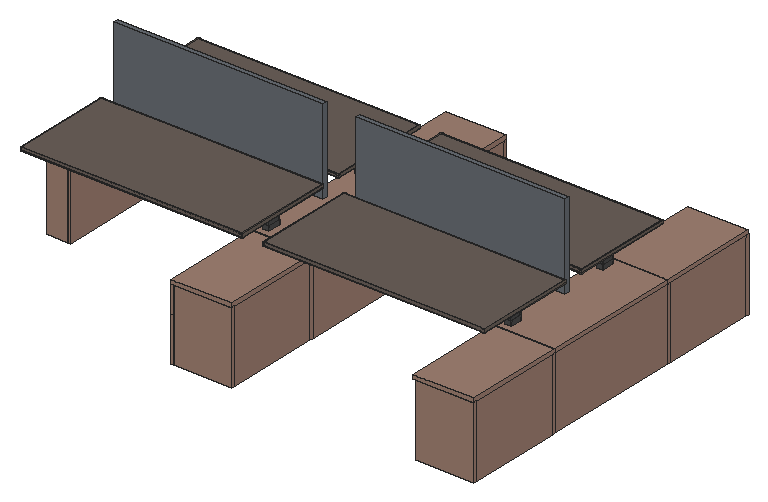
Revit family "T200219", category Furniture, Revit 2015
Parameters (values of type "T200219")
  URL = "https://ofs.com/"
  Staks Wire Manager = OFS STAKS PET Wire Manager Material
  Staks Height Worksurface Edge = OFS STAKS Edge Material
  Staks Height  Worksurface Venner = OFS STAKS Surface Material
  Staks Height  Worksurface 3d Laminate = OFS STAKS Laminate Material
  Staks Fabric Privacy Panel = OFS STAKS Tackable Fabric
  Staks Cross Surface = OFS STAKS Wood Grain Laminate Material
  Staks Cross Power Block Casing = OFS STAKS Power Block Casing Material
  Staks Cross Power Block = OFS STAKS Power Block Material
  Staks Cross Metal Conduit = OFS STAKS Power Jumper Conduit Material
  Staks Cross Duplex Receptacle = OFS STAKS Power Jumper Connector Material
  Staks Cross Bracket = OFS STAKS Power Jumper Connector Material
  Staks Box File top Material = OFS STAKS Board Material
  Staks Box File Leg Caps = OFS STAKS Leg Caps Material
  Staks Box File Drawer Handle = OFS STAKS Drawer Handle Metal
  Staks Box File Column = OFS STAKS Column Material
  Staks Box File Board = OFS STAKS Board Material
  Model = "T200219"
  Manufacturer = "OFS"
  Description = "OFS TYPICAL T200219"
  Copyright © = "©OFS 2020"
  Catalog = "https://ofs.com/2020-experience"
  Authoring Version = "Autodesk Revit Architecture 2015"
  Assembly Code = " E2020400"
Reference planes (in)
  plane 1 "Center Front/Back": y = 0
  plane 2: z = 0
  plane 3 "Center Left/Right": x = 0
Dimensions and locks (in)
  aligned and locked: level to plane 2
Nested families (in)
  nested 1: "STAKS BOX-FILE-OPEN SHELVES FLOOR STORAGE Left 30-36" at (81.63633, 27.22693, 0) x (0, -1, 0) z (0, 0, 1), type "STAKS BOX-FILE-OPEN SHELVES FLOOR STORAGE Left, 30in"
    with Table Height 2' - 3 3/4"
  nested 2: "STAKS BOX-FILE-OPEN SHELVES FLOOR STORAGE Left 30-36" at (9.63633, 27.22694, 0) x (0, -1, 0) z (0, 0, 1), type "STAKS BOX-FILE-OPEN SHELVES FLOOR STORAGE Left, 30in"
    with Table Height 2' - 3 3/4"
  nested 3: "STAKS BOX-FILE-OPEN SHELVES FLOOR STORAGE Right 30-36" at (9.63633, -44.77307, 0) x (0, -1, 0) z (0, 0, 1), type "STAKS BOX-FILE-OPEN SHELVES FLOOR STORAGE Right, 30in"
    with Table Height 2' - 3 3/4"
  nested 4: "STAKS BOX-FILE-OPEN SHELVES FLOOR STORAGE Left 30-36" at (81.63633, -44.77307, 0) x (0, -1, 0) z (0, 0, 1), type "STAKS BOX-FILE-OPEN SHELVES FLOOR STORAGE Left, 30in"
  nested 5: "STAKS HEIGHT ADJUSTABLE WORK GROUP PANEL BASE Dual User" at (-69.31764, -4.49055, 0) x (0, 1, 0) z (0, 0, 1), type "STAKS HEIGHT ADJUSTABLE WORK GROUP PANEL BASE Dual User"
    with Table Height 2' - 3 3/4"
  nested 6: "STAKS HEIGHT ADJUSTABLE WORK GROUP CABINET Dual User" at (81.63633, -4.52307, 0) x (0, -1, 0) z (0, 0, 1), type "STAKS HEIGHT ADJUSTABLE WORK GROUP CABINET Dual User"
    with Table Height 2' - 3 3/4"
  nested 7: "STAKS HEIGHT ADJUSTABLE WORK GROUP CABINET Double Sided Dual User" at (-8.36367, -4.52307, 0) x (0, 1, 0) z (0, 0, 1), type "STAKS HEIGHT ADJUSTABLE WORK GROUP CABINET Double Sided Dual User"
    with Table Height 2' - 3 3/4"
  nested 8: "STAKS FABRIC PRIVACY PANEL Tackable" at (-35.36367, -3.49388, 0.61875) x (1, 0, 0) z (0, 0, 1), type "STAKS FABRIC PRIVACY PANEL Tackable for 66in Worksurfaces."
    with Width 5' - 2"
  nested 9: "STAKS FABRIC PRIVACY PANEL Tackable" at (36.63633, -3.49388, 0.61875) x (-1, 0, 0) z (0, 0, 1), type "STAKS FABRIC PRIVACY PANEL Tackable for 66in Worksurfaces."
    with Width 5' - 2"
  nested 10: "STAKS HEIGHT ADJUSTABLE WORKSURFACE" at (-35.362, -21.52135, 8), type "STAKS HEIGHT ADJUSTABLE WORKSURFACE 66x30"
    with PVC Edge yes, Height 1' - 9", 3D Laminate no
  nested 11: "STAKS HEIGHT ADJUSTABLE WORKSURFACE" at (36.78082, -21.52135, 8) x (-1, 0, 0) z (0, 0, 1), type "STAKS HEIGHT ADJUSTABLE WORKSURFACE 66x30"
    with PVC Edge yes, Height 1' - 9", 3D Laminate no
  nested 12: "STAKS HEIGHT ADJUSTABLE WORKSURFACE" at (-35.362, 14.47487, 8), type "STAKS HEIGHT ADJUSTABLE WORKSURFACE 66x30"
    with PVC Edge yes, Height 1' - 9", 3D Laminate no
  nested 13: "STAKS HEIGHT ADJUSTABLE WORKSURFACE" at (36.78082, 14.47487, 8) x (-1, 0, 0) z (0, 0, 1), type "STAKS HEIGHT ADJUSTABLE WORKSURFACE 66x30"
    with PVC Edge yes, Height 1' - 9", 3D Laminate no
  nested 14: "STAKS CROSS RAIL Single or Double Sided" at (-35.36367, -4.02513, 1), type "STAKS CROSS RAIL Single or Double Sided 66in"
  nested 15: "STAKS CROSS RAIL Single or Double Sided" at (36.78248, -4.02513, 1) x (-1, 0, 0) z (0, 0, 1), type "STAKS CROSS RAIL Single or Double Sided 66in"
  nested 16: "STAKS PET WIRE MANAGER to Underside of Cross Rail" at (-35.36367, -4.02324, 1.04402), type "STAKS PET WIRE MANAGER to Underside of Cross Rail 44in"
    with Height Above Floor 1' - 8"
  nested 17: "STAKS PET WIRE MANAGER to Underside of Cross Rail" at (36.78248, -4.02324, 1.04402) x (-1, 0, 0) z (0, 0, 1), type "STAKS PET WIRE MANAGER to Underside of Cross Rail 44in"
    with Height Above Floor 1' - 8"
Definition of nested family "STAKS BOX-FILE-OPEN SHELVES FLOOR STORAGE Left 30-36"
  Parameters (values of type "STAKS BOX-FILE-OPEN SHELVES FLOOR STORAGE Left, 30in")
    Width = 2' - 6"
    URL = "http://ofs.com"
    Top Material = none
    Top Board Back Offset = 0' - 0"
    Table Height [instance] = 2' - 3 3/4"
    Shelf Height = 1' - 1.86625"
    Drawers Width = 1' - 2"
    Drawer Handle Material = none
    Drawer Gap = 0' - 0 1/16"
    Depth = 1' - 6"
    Column Plate Thickness = 0' - 2"
    Column Material = none
    Box Width = 0' - 7"
    Board Thick Top = 0' - 1 1/8"
    Board Thick Door = 0' - 0 3/4"
    Board Material = none
    Model = "6-3018FSL1"
    Manufacturer = "OFS"
    Leg Caps Material = none
    Leg Offset = 0' - 2"
    Board Thick Internal = 0' - 0 3/4"
    Height = 1' - 11"
    Description = "OFS STAKS BOX-FILE-OPEN SHELVES FLOOR STORAGE Left, 30\" Width, One Box Drawer, One File Drawer, One Adjustable Shelf"
    Copyright © = "© OFS 2018"
    Catalog = "https://ofs.com/products/open-plan/benching/staks"
    Bottom Board Offset = 0' - 0 1/2"
    Board Thick Bot = 0' - 1"
    Board Thick Sides = 0' - 0 3/4"
    Board Thick Front = 0' - 0 3/4"
    Board Thick Back = 0' - 0 3/4"
    Authoring Version = "Autodesk Revit Architecture 2013"
    Assembly Code = "E2020200"
  Types (2): name | Width | Model | Description
    STAKS BOX-FILE-OPEN SHELVES FLOOR STORAGE Left, 30in | 2' - 6" | "6-3018FSL1" | "OFS STAKS BOX-FILE-OPEN SHELVES FLOOR STORAGE Left, 30\" Width, One Box Drawer, One File Drawer, One Adjustable Shelf"
    STAKS BOX-FILE-OPEN SHELVES FLOOR STORAGE Left, 36in | 3' - 0" | "6-3618FSL1" | "OFS STAKS BOX-FILE-OPEN SHELVES FLOOR STORAGE Left, 36\" Width, One Box Drawer, One File Drawer, One Adjustable Shelf"
  Reference planes (in)
    plane 1 "Center Front/Back": y = 0
    plane 2: z = 0
    plane 3 "Front End": y = -17.25
    plane 4 "Right End": x = 10.75
    plane 5 "Back End": y = 0
    plane 6 "Height Top": z = 23
    plane 7: x = 10
    plane 8: z = 21.875
    plane 9: z = 0.5
    plane 10: z = 1.5
    plane 11: y = -16.5
    plane 12: x = 8.75
    plane 13: y = -18
    plane 14: y = -0.75
    plane 15: y = 0
    plane 16: z = 13.86625
    plane 17: z = 13.11625
    plane 18: z = 13.92875
    plane 19 "Center Left Right": x = -4.25
    plane 20: x = -18.5
    plane 21: x = -3.75
    plane 22: x = -4.5
    plane 23: x = -19.25
    plane 24: x = -17.25
    plane 25: x = -14.5
    plane 26: x = -8.5
    plane 27: x = -8.875
    plane 28: x = -14.125
  Forms (in)
    Extrusion 1, solid, material <- "Board Material"
      sketch origin (0, 0, 0) x (-1, 0, 0) y (0, -1, 0)
        loop
          line (-10.75, 0) -> (-10, 0) -> (-10, 17.25) -> (-10.75, 17.25) -> (-10.75, 0)
      from 0.5 to 21.875
    Extrusion 2, solid, material <- "Board Material"
      sketch origin (0, 0, 0) x (1, 0, 0) y (0, 1, 0)
        loop
          line (-18.5, -0.75) -> (-18.5, -17.25) -> (10, -17.25) -> (10, -0.75) -> (-18.5, -0.75)
      from 0.5 to 1.5
    Extrusion 3, solid, material <- "Top Material"
      sketch origin (0, 0, 0) x (1, 0, 0) y (0, 1, 0)
        loop
          line (-19.25, 0) -> (-19.25, -18) -> (10.75, -18) -> (10.75, 0) -> (-19.25, 0)
      from 21.875 to 23
    Extrusion 4, solid, material <- "Board Material"
      sketch origin (0, 27.875, 0) x (1, 0, 0) y (0, 1, 0)
        loop
          line (-18.5, -27.875) -> (-18.5, -28.625) -> (10, -28.625) -> (10, -27.875) -> (-18.5, -27.875)
      from 0.5 to 21.875
    Revolve 5, solid, material <- "Leg Caps Material"
      sketch origin (-17.27629, -3.5, 0) x (-1, 0, 0) y (0, 0, -1)
        loop
          line (-26.02629, -0.5) -> (-25.83829, -0.5) -> (-25.83829, 0) -> (-26.21329, 0) -> (-26.21329, -0.12502)
          arc (-26.21329, -0.12502) -> (-26.17668, -0.2134) -> (-26.08831, -0.25) r 0.12498
          line (-26.08831, -0.25) -> (-26.02629, -0.25) -> (-26.02629, -0.5)
        axis (-25.83829, 0) -> (-25.83829, -0.5)
      angle from 0 to 360
    Revolve 6, solid, material <- "Leg Caps Material"
      sketch origin (-7.02629, -14.5, 0) x (-1, 0, 0) y (0, 0, 1)
        loop
          line (-15.77629, 0.5) -> (-15.77629, 0.25) -> (-15.83831, 0.25)
          arc (-15.83831, 0.25) -> (-15.92668, 0.2134) -> (-15.96329, 0.12502) r 0.12498
          line (-15.96329, 0.12502) -> (-15.96329, 0) -> (-15.58829, 0) -> (-15.58829, 0.5) -> (-15.77629, 0.5)
        axis (-15.58829, 0) -> (-15.58829, 0.5)
      angle from 0 to 360
    Extrusion 7, solid, material <- "Board Material"
      sketch origin (-29.25, 0, 0) x (-1, 0, 0) y (0, -1, 0)
        loop
          line (-10.75, 0) -> (-10, 0) -> (-10, 17.25) -> (-10.75, 17.25) -> (-10.75, 0)
      from 0.5 to 21.875
    Extrusion 8, solid, material <- "Board Material"
      sketch origin (-14.875, 0, 0) x (-1, 0, 0) y (0, -1, 0)
        loop
          line (-11.125, 0.75) -> (-10.375, 0.75) -> (-10.375, 17.25) -> (-11.125, 17.25) -> (-11.125, 0.75)
      from 1.5 to 21.875
    Revolve 9, solid, material <- "Leg Caps Material"
      sketch origin (2.40129, -3.5, 0) x (1, 0, 0) y (0, 0, 1)
        loop
          line (-19.65129, 0.5) -> (-19.65129, 0.25) -> (-19.71331, 0.25)
          arc (-19.71331, 0.25) -> (-19.80168, 0.2134) -> (-19.83829, 0.12502) r 0.12498
          line (-19.83829, 0.12502) -> (-19.83829, 0) -> (-19.46329, 0) -> (-19.46329, 0.5) -> (-19.65129, 0.5)
        axis (-19.46329, 0) -> (-19.46329, 0.5)
      angle from 0 to 360
    Revolve 10, solid, material <- "Leg Caps Material"
      sketch origin (-2.22371, -14.5, 0) x (1, 0, 0) y (0, 0, -1)
        loop
          line (-15.02629, -0.5) -> (-14.83829, -0.5) -> (-14.83829, 0) -> (-15.21329, 0) -> (-15.21329, -0.12502)
          arc (-15.21329, -0.12502) -> (-15.17668, -0.2134) -> (-15.08831, -0.25) r 0.12498
          line (-15.08831, -0.25) -> (-15.02629, -0.25) -> (-15.02629, -0.5)
        axis (-14.83829, 0) -> (-14.83829, -0.5)
      angle from 0 to 360
    Revolve 11, solid, material <- "Leg Caps Material"
      sketch origin (21.08829, -3.5, 0) x (1, 0, 0) y (0, 0, 1)
        loop
          line (-25.40129, 0.5) -> (-25.40129, 0.25) -> (-25.46331, 0.25)
          arc (-25.46331, 0.25) -> (-25.55168, 0.2134) -> (-25.58829, 0.12502) r 0.12498
          line (-25.58829, 0.12502) -> (-25.58829, 0) -> (-25.21329, 0) -> (-25.21329, 0.5) -> (-25.40129, 0.5)
        axis (-25.21329, 0) -> (-25.21329, 0.5)
      angle from 0 to 360
    Revolve 12, solid, material <- "Leg Caps Material"
      sketch origin (16.46329, -14.5, 0) x (1, 0, 0) y (0, 0, -1)
        loop
          line (-20.77629, -0.5) -> (-20.58829, -0.5) -> (-20.58829, 0) -> (-20.96329, 0) -> (-20.96329, -0.12502)
          arc (-20.96329, -0.12502) -> (-20.92668, -0.2134) -> (-20.83831, -0.25) r 0.12498
          line (-20.83831, -0.25) -> (-20.77629, -0.25) -> (-20.77629, -0.5)
        axis (-20.58829, 0) -> (-20.58829, -0.5)
      angle from 0 to 360
    Extrusion 13, solid, material <- "Board Material"
      sketch origin (-9.66893, 0, 0) x (-1, 0, 0) y (0, -1, 0)
        loop
          line (9.58107, 17.25) -> (9.58107, 18) -> (-5.91893, 18) -> (-5.91893, 17.25) -> (9.58107, 17.25)
      from 0.5 to 13.86625
    Extrusion 14, solid, material <- "Board Material"
      sketch origin (-11.49697, 0, 14.88819) x (-1, 0, 0) y (0, -1, 0)
        loop
          line (7.75303, 17.25) -> (7.75303, 18) -> (-7.74697, 18) -> (-7.74697, 17.25) -> (7.75303, 17.25)
      from -0.95944 to 6.98681
    Extrusion 15, solid, material <- "Drawer Handle Material"
      sketch origin (27.25, 0, 0) x (1, 0, 0) y (0, 1, 0)
        loop
          line (-35.75, -18.875) -> (-35.75, -18) -> (-36.125, -18) -> (-36.125, -18.6875) -> (-41.375, -18.6875) -> (-41.375, -18) -> (-41.75, -18) -> (-41.75, -18.875) -> (-35.75, -18.875)
      from 20.19685 to 20.6656
    Extrusion 16, solid, material <- "Drawer Handle Material"
      sketch origin (27.25, 0, -7) x (1, 0, 0) y (0, 1, 0)
        loop
          line (-35.75, -18.875) -> (-35.75, -18) -> (-36.125, -18) -> (-36.125, -18.6875) -> (-41.375, -18.6875) -> (-41.375, -18) -> (-41.75, -18) -> (-41.75, -18.875) -> (-35.75, -18.875)
      from 20.19685 to 20.6656
    Extrusion 17, solid, material <- "Board Material"
      sketch origin (15.75, 0, 0) x (1, 0, 0) y (0, 0, 1)
        loop
          line (-19.5, 13.86625) -> (-19.5, 13.11625) -> (-5.75, 13.11625) -> (-5.75, 13.86625) -> (-19.5, 13.86625)
      from 0.75 to 17.25
  Dimensions and locks (in)
    "Height": plane 6 "Height Top" to level
    "Board Thick Sides": plane 7 to plane 4 "Right End"
    "Board Thick Top": plane 6 "Height Top" to plane 8
    "Board Thick Bot": plane 10 to plane 9
    "Bottom Board Offset": plane 9 to level
    "Board Thick Front": plane 11 to plane 3 "Front End"
    "Leg Offset": plane 12 to plane 4 "Right End"
    "Board Thick Door": plane 13 to plane 3 "Front End"
    "Board Thick Back": plane 14 to plane 1 "Center Front/Back"
    "Depth": plane 13 to plane 1 "Center Front/Back"
    "Top Board Back Offset": plane 15 to plane 5 "Back End"
    "Board Thick Internal": plane 16 to plane 17
    "Shelf Height": plane 16 to level
    "Drawer Gap": plane 18 to plane 16
    equal spacing: plane 23, plane 19 "Center Left Right", plane 4 "Right End"
    "Width": plane 4 "Right End" to plane 23
    "Board Thick Internal": plane 21 to plane 22
    "Board Thick Sides": plane 23 to plane 20
    "Drawers Width": plane 20 to plane 22
    "Leg Offset": plane 24 to plane 23
    locked: plane 20 to plane 25 at 4
    locked: plane 26 to plane 22 at 4
    locked: plane 27 to plane 26 at 0.375
    locked: plane 25 to plane 28 at 0.375
    aligned and locked: level to plane 2
    aligned and locked: plane 7 to Extrusion 1
    aligned and locked: Extrusion 1 to plane 4 "Right End"
    aligned and locked: Extrusion 1 to plane 9
    aligned and locked: plane 7 to Extrusion 2 sketch curve
    aligned and locked: Extrusion 4 to plane 9
    aligned and locked: plane 8 to Extrusion 4
    aligned and locked: plane 8 to Extrusion 1
    aligned and locked: Extrusion 3 to plane 13
    aligned and locked: Extrusion 3 to plane 4 "Right End"
    aligned and locked: plane 6 "Height Top" to Extrusion 3
    aligned and locked: Extrusion 3 to plane 8
    aligned and locked: Extrusion 4 to plane 14
    aligned and locked: Extrusion 4 to plane 1 "Center Front/Back"
    aligned and locked: Extrusion 3 to plane 15
    aligned and locked: Extrusion 1 to plane 3 "Front End"
    aligned and locked: plane 12 to Revolve 5
    aligned and locked: plane 20 to Extrusion 7 sketch curve
    aligned and locked: plane 23 to Extrusion 7
    aligned and locked: plane 23 to Extrusion 3
    aligned and locked: plane 20 to Extrusion 2
    aligned and locked: Extrusion 7 to plane 9
    aligned and locked: Extrusion 7 to plane 5 "Back End"
    aligned and locked: plane 20 to Extrusion 4
    aligned and locked: Extrusion 4 to plane 7
    aligned and locked: Extrusion 1 to plane 5 "Back End"
    aligned and locked: plane 23 to Extrusion 14
    aligned and locked: plane 23 to Extrusion 13
    aligned and locked: plane 21 to Extrusion 14
    aligned and locked: plane 21 to Extrusion 13
    aligned and locked: Extrusion 15 to plane 25
    aligned and locked: Extrusion 16 to plane 25
    aligned and locked: Extrusion 15 to plane 28
    aligned and locked: Extrusion 16 to plane 28
    aligned and locked: Extrusion 15 to plane 27
    aligned and locked: Extrusion 16 to plane 27
    aligned and locked: Extrusion 15 to plane 26
    aligned and locked: Extrusion 16 to plane 26
    aligned and locked: plane 13 to Extrusion 13
    aligned and locked: plane 3 "Front End" to Extrusion 13
    aligned and locked: plane 13 to Extrusion 14
    aligned and locked: plane 3 "Front End" to Extrusion 14
    aligned and locked: plane 8 to Extrusion 14
    aligned and locked: Extrusion 14 to plane 18
    aligned and locked: Extrusion 13 to plane 16
    aligned and locked: Extrusion 13 to plane 9
    aligned and locked: Extrusion 17 to plane 21
    aligned and locked: Extrusion 17 to plane 7
    aligned and locked: Extrusion 17 to plane 16
    aligned and locked: plane 17 to Extrusion 17
  Automatic sketch dimensions
    Extrusion 1 sketch curve to plane 3 "Front End" = 0' - 0"
    Extrusion 1 sketch curve to plane 4 "Right End" = 0' - 0"
    Extrusion 1 sketch curve to plane 7 = 0' - 0"
    plane 1 "Center Front/Back" to Extrusion 1 sketch curve = 0' - 0"
    Extrusion 2 sketch curve to plane 3 "Front End" = 0' - 0"
    Extrusion 2 sketch curve to plane 20 = 0' - 0"
    Extrusion 2 sketch curve to plane 14 = 0' - 0"
    Extrusion 3 sketch curve to plane 13 = 0' - 0"
    Extrusion 3 sketch curve to plane 23 = 0' - 0"
    Extrusion 3 sketch curve to plane 4 "Right End" = 0' - 0"
    plane 1 "Center Front/Back" to Extrusion 3 sketch curve = 0' - 0"
    Extrusion 4 sketch curve to plane 14 = 0' - 0"
    Extrusion 4 sketch curve to plane 20 = 0' - 0"
    Extrusion 4 sketch curve to plane 7 = 0' - 0"
    plane 1 "Center Front/Back" to Extrusion 4 sketch curve = 0' - 0"
    Revolve 5 sketch curve to level = 0' - 0"
    plane 12 to Revolve 5 sketch curve = 0' - 0"
    Revolve 5 sketch curve to plane 9 = 0' - 0"  (x2)
    level to Revolve 5 sketch curve = 0' - 0 1/4"
    Revolve 5 sketch curve to Revolve 5 sketch curve = 0' - 0.06202"
    Revolve 5 sketch curve to Revolve 5 sketch curve = 0' - 0.12498"
    plane 12 to Revolve 5 sketch curve = 0' - 0.188"  (x2)
    plane 9 to Revolve 5 sketch curve = 0' - 0 1/4"
    Revolve 6 sketch curve to level = 0' - 0"
    plane 12 to Revolve 6 sketch curve = 0' - 0"
    Revolve 6 sketch curve to plane 9 = 0' - 0"  (x2)
    level to Revolve 6 sketch curve = 0' - 0.12502"
    Revolve 6 sketch curve to plane 12 = 0' - 0.06202"
    Revolve 6 sketch curve to Revolve 6 sketch curve = 0' - 0.12498"
    plane 12 to Revolve 6 sketch curve = 0' - 0.188"  (x2)
    plane 9 to Revolve 6 sketch curve = 0' - 0 1/4"
    Extrusion 7 sketch curve to plane 3 "Front End" = 0' - 0"
    Extrusion 7 sketch curve to plane 23 = 0' - 0"
    plane 1 "Center Front/Back" to Extrusion 7 sketch curve = 0' - 0"
    Extrusion 8 sketch curve to plane 3 "Front End" = 0' - 0"
    Extrusion 8 sketch curve to plane 21 = 0' - 0"
    Extrusion 8 sketch curve to plane 22 = 0' - 0"
    Extrusion 8 sketch curve to plane 14 = 0' - 0"
    Revolve 9 sketch curve to level = 0' - 0"
    Revolve 9 sketch curve to plane 24 = 0' - 0"
    Revolve 9 sketch curve to plane 9 = 0' - 0"  (x2)
    level to Revolve 9 sketch curve = 0' - 0.12502"
    Revolve 9 sketch curve to plane 24 = 0' - 0.06202"
    Revolve 9 sketch curve to Revolve 9 sketch curve = 0' - 0.12498"
    plane 24 to Revolve 9 sketch curve = 0' - 0.188"  (x2)
    plane 9 to Revolve 9 sketch curve = 0' - 0 1/4"
    Revolve 10 sketch curve to level = 0' - 0"
    Revolve 10 sketch curve to plane 24 = 0' - 0"
    Revolve 10 sketch curve to plane 9 = 0' - 0"  (x2)
    level to Revolve 10 sketch curve = 0' - 0 1/4"
    Revolve 10 sketch curve to plane 24 = 0' - 0.06202"
    Revolve 10 sketch curve to Revolve 10 sketch curve = 0' - 0.12498"
    plane 24 to Revolve 10 sketch curve = 0' - 0.188"  (x2)
    plane 9 to Revolve 10 sketch curve = 0' - 0 1/4"
    Revolve 11 sketch curve to plane 22 = 0' - 0"
    Revolve 11 sketch curve to plane 9 = 0' - 0"  (x2)
    Revolve 11 sketch curve to level = 0' - 0"
    level to Revolve 11 sketch curve = 0' - 0.12502"
    plane 22 to Revolve 11 sketch curve = 0' - 0.12498"
    Revolve 11 sketch curve to Revolve 11 sketch curve = 0' - 0.06202"
    Revolve 11 sketch curve to Revolve 11 sketch curve = 0' - 0.25002"
    Revolve 11 sketch curve to Revolve 11 sketch curve = 0' - 0"
    plane 9 to Revolve 11 sketch curve = 0' - 0 1/4"
    Revolve 12 sketch curve to plane 22 = 0' - 0"
    Revolve 12 sketch curve to plane 9 = 0' - 0"  (x2)
    Revolve 12 sketch curve to level = 0' - 0"
    level to Revolve 12 sketch curve = 0' - 0 1/4"
    plane 22 to Revolve 12 sketch curve = 0' - 0.12498"
    Revolve 12 sketch curve to Revolve 12 sketch curve = 0' - 0.06202"
    Revolve 12 sketch curve to Revolve 12 sketch curve = 0' - 0.25002"
    Revolve 12 sketch curve to Revolve 12 sketch curve = 0' - 0"
    plane 9 to Revolve 12 sketch curve = 0' - 0 1/4"
    Extrusion 13 sketch curve to plane 3 "Front End" = 0' - 0"
    Extrusion 13 sketch curve to plane 21 = 0' - 0"
    Extrusion 13 sketch curve to plane 13 = 0' - 0"
    Extrusion 13 sketch curve to plane 23 = 0' - 0"
    Extrusion 14 sketch curve to plane 3 "Front End" = 0' - 0"
    Extrusion 14 sketch curve to plane 21 = 0' - 0"
    Extrusion 14 sketch curve to plane 13 = 0' - 0"
    Extrusion 14 sketch curve to plane 23 = 0' - 0"
    Extrusion 15 sketch curve to plane 13 = 0' - 0"
    Extrusion 15 sketch curve to plane 25 = 0' - 0"
    Extrusion 15 sketch curve to plane 28 = 0' - 0"
    Extrusion 15 sketch curve to plane 27 = 0' - 0"
    plane 13 to Extrusion 15 sketch curve = 0' - 0"
    Extrusion 15 sketch curve to plane 26 = 0' - 0"
    plane 13 to Extrusion 15 sketch curve = 0' - 0 7/8"
    Extrusion 15 sketch curve to Extrusion 15 sketch curve = 0' - 0 3/16"
    Extrusion 16 sketch curve to plane 13 = 0' - 0"
    Extrusion 16 sketch curve to plane 25 = 0' - 0"
    Extrusion 16 sketch curve to plane 28 = 0' - 0"
    Extrusion 16 sketch curve to plane 27 = 0' - 0"
    plane 13 to Extrusion 16 sketch curve = 0' - 0"
    Extrusion 16 sketch curve to plane 26 = 0' - 0"
    plane 13 to Extrusion 16 sketch curve = 0' - 0 7/8"
    Extrusion 16 sketch curve to Extrusion 16 sketch curve = 0' - 0 3/16"
    Extrusion 17 sketch curve to plane 17 = 0' - 0"
    Extrusion 17 sketch curve to plane 16 = 0' - 0"
    plane 21 to Extrusion 17 sketch curve = 0' - 0"
    Extrusion 17 sketch curve to plane 12 = 0' - 1 1/4"
Definition of nested family "STAKS BOX-FILE-OPEN SHELVES FLOOR STORAGE Right 30-36"
  Parameters (values of type "STAKS BOX-FILE-OPEN SHELVES FLOOR STORAGE Right, 30in")
    Width = 2' - 6"
    URL = "http://ofs.com"
    Top Material = none
    Top Board Back Offset = 0' - 0"
    Table Height [instance] = 2' - 3 3/4"
    Shelf Height = 1' - 1.86625"
    Drawers Width = 1' - 2"
    Drawer Handle Material = none
    Drawer Gap = 0' - 0 1/16"
    Depth = 1' - 6"
    Column Plate Thickness = 0' - 2"
    Column Material = none
    Box Width = 0' - 7"
    Board Thick Top = 0' - 1 1/8"
    Board Thick Door = 0' - 0 3/4"
    Board Material = none
    Model = "6-3018FSR1"
    Manufacturer = "OFS"
    Leg Caps Material = none
    Leg Offset = 0' - 2"
    Board Thick Internal = 0' - 0 3/4"
    Height = 1' - 11"
    Description = "OFS STAKS BOX-FILE-OPEN SHELVES FLOOR STORAGE Right, 30\" Width, One Box Drawer, One File Drawer, One Adjustable Shelf"
    Copyright © = "© OFS 2018"
    Catalog = "https://ofs.com/products/open-plan/benching/staks"
    Bottom Board Offset = 0' - 0 1/2"
    Board Thick Bot = 0' - 1"
    Board Thick Sides = 0' - 0 3/4"
    Board Thick Front = 0' - 0 3/4"
    Board Thick Back = 0' - 0 3/4"
    Authoring Version = "Autodesk Revit Architecture 2013"
    Assembly Code = "E2020200"
  Types (2): name | Width | Model | Description
    STAKS BOX-FILE-OPEN SHELVES FLOOR STORAGE Right, 30in | 2' - 6" | "6-3018FSR1" | "OFS STAKS BOX-FILE-OPEN SHELVES FLOOR STORAGE Right, 30\" Width, One Box Drawer, One File Drawer, One Adjustable Shelf"
    STAKS BOX-FILE-OPEN SHELVES FLOOR STORAGE Right, 36in | 3' - 0" | "6-3618FSR1" | "OFS STAKS BOX-FILE-OPEN SHELVES FLOOR STORAGE Right, 36\" Width, One Box Drawer, One File Drawer, One Adjustable Shelf"
  Reference planes (in)
    plane 1 "Center Front/Back": y = 0
    plane 2: z = 0
    plane 3 "Front End": y = -17.25
    plane 4 "Right End": x = 10.75
    plane 5 "Back End": y = 0
    plane 6 "Height Top": z = 23
    plane 7: x = 10
    plane 8: z = 21.875
    plane 9: z = 0.5
    plane 10: z = 1.5
    plane 11: y = -16.5
    plane 12: x = 8.75
    plane 13: y = -18
    plane 14: y = -0.75
    plane 15: y = 0
    plane 16: z = 13.86625
    plane 17: z = 13.11625
    plane 18: z = 13.92875
    plane 19 "Center Left Right": x = -4.25
    plane 20: x = -18.5
    plane 21: x = -4
    plane 22: x = -4.75
    plane 23: x = -19.25
    plane 24: x = -17.25
    plane 25: x = 6
    plane 26: x = 5.625
    plane 27: x = 0
    plane 28: x = 0.375
    plane 29: x = -14.5
    plane 30: x = -8.75
    plane 31: x = -9.125
    plane 32: x = -14.125
  Forms (in)
    Extrusion 1, solid, material <- "Board Material"
      sketch origin (0, 0, 0) x (-1, 0, 0) y (0, -1, 0)
        loop
          line (-10.75, 0) -> (-10, 0) -> (-10, 17.25) -> (-10.75, 17.25) -> (-10.75, 0)
      from 0.5 to 21.875
    Extrusion 2, solid, material <- "Board Material"
      sketch origin (0, 0, 0) x (1, 0, 0) y (0, 1, 0)
        loop
          line (-18.5, -0.75) -> (-18.5, -17.25) -> (10, -17.25) -> (10, -0.75) -> (-18.5, -0.75)
      from 0.5 to 1.5
    Extrusion 3, solid, material <- "Top Material"
      sketch origin (0, 0, 0) x (1, 0, 0) y (0, 1, 0)
        loop
          line (-19.25, 0) -> (-19.25, -18) -> (10.75, -18) -> (10.75, 0) -> (-19.25, 0)
      from 21.875 to 23
    Extrusion 4, solid, material <- "Board Material"
      sketch origin (0, 27.875, 0) x (1, 0, 0) y (0, 1, 0)
        loop
          line (-18.5, -27.875) -> (-18.5, -28.625) -> (10, -28.625) -> (10, -27.875) -> (-18.5, -27.875)
      from 0.5 to 21.875
    Revolve 5, solid, material <- "Leg Caps Material"
      sketch origin (-17.27629, -3.5, 0) x (-1, 0, 0) y (0, 0, -1)
        loop
          line (-26.02629, -0.5) -> (-25.83829, -0.5) -> (-25.83829, 0) -> (-26.21329, 0) -> (-26.21329, -0.12502)
          arc (-26.21329, -0.12502) -> (-26.17668, -0.2134) -> (-26.08831, -0.25) r 0.12498
          line (-26.08831, -0.25) -> (-26.02629, -0.25) -> (-26.02629, -0.5)
        axis (-25.83829, 0) -> (-25.83829, -0.5)
      angle from 0 to 360
    Revolve 6, solid, material <- "Leg Caps Material"
      sketch origin (-7.02629, -14.5, 0) x (-1, 0, 0) y (0, 0, 1)
        loop
          line (-15.77629, 0.5) -> (-15.77629, 0.25) -> (-15.83831, 0.25)
          arc (-15.83831, 0.25) -> (-15.92668, 0.2134) -> (-15.96329, 0.12502) r 0.12498
          line (-15.96329, 0.12502) -> (-15.96329, 0) -> (-15.58829, 0) -> (-15.58829, 0.5) -> (-15.77629, 0.5)
        axis (-15.58829, 0) -> (-15.58829, 0.5)
      angle from 0 to 360
    Extrusion 7, solid, material <- "Board Material"
      sketch origin (-29.25, 0, 0) x (-1, 0, 0) y (0, -1, 0)
        loop
          line (-10.75, 0) -> (-10, 0) -> (-10, 17.25) -> (-10.75, 17.25) -> (-10.75, 0)
      from 0.5 to 21.875
    Extrusion 8, solid, material <- "Board Material"
      sketch origin (7.66893, 0, 0) x (1, 0, 0) y (0, 1, 0)
        loop
          line (3.08107, -17.25) -> (-12.41893, -17.25) -> (-12.41893, -18) -> (3.08107, -18) -> (3.08107, -17.25)
      from 0.5 to 13.86625
    Extrusion 9, solid, material <- "Board Material"
      sketch origin (-14.875, 0, 0) x (-1, 0, 0) y (0, -1, 0)
        loop
          line (-10.875, 0.75) -> (-10.125, 0.75) -> (-10.125, 17.25) -> (-10.875, 17.25) -> (-10.875, 0.75)
      from 1.5 to 21.875
    Extrusion 10, solid, material <- "Board Material"
      sketch origin (-29.25, 0, 0) x (-1, 0, 0) y (0, 0, -1)
        loop
          line (-24.5, -13.86625) -> (-10.75, -13.86625) -> (-10.75, -13.11625) -> (-24.5, -13.11625) -> (-24.5, -13.86625)
      from 0.75 to 17.25
    Extrusion 11, solid, material <- "Board Material"
      sketch origin (9.49697, 0, 14.88819) x (1, 0, 0) y (0, 1, 0)
        loop
          line (1.25303, -17.25) -> (-14.24697, -17.25) -> (-14.24697, -18) -> (1.25303, -18) -> (1.25303, -17.25)
      from -0.95944 to 6.98681
    Extrusion 12, solid, material <- "Drawer Handle Material"
      sketch origin (-29.25, 0, 0) x (-1, 0, 0) y (0, -1, 0)
        loop
          line (-29.25, 18.875) -> (-35.25, 18.875) -> (-35.25, 18) -> (-34.875, 18) -> (-34.875, 18.6875) -> (-29.625, 18.6875) -> (-29.625, 18) -> (-29.25, 18) -> (-29.25, 18.875)
      from 20.19685 to 20.6656
    Extrusion 13, solid, material <- "Drawer Handle Material"
      sketch origin (-29.25, 0, -7) x (-1, 0, 0) y (0, -1, 0)
        loop
          line (-29.25, 18.875) -> (-35.25, 18.875) -> (-35.25, 18) -> (-34.875, 18) -> (-34.875, 18.6875) -> (-29.625, 18.6875) -> (-29.625, 18) -> (-29.25, 18) -> (-29.25, 18.875)
      from 20.19685 to 20.6656
    Revolve 14, solid, material <- "Leg Caps Material"
      sketch origin (2.40129, -3.5, 0) x (1, 0, 0) y (0, 0, 1)
        loop
          line (-19.65129, 0.5) -> (-19.65129, 0.25) -> (-19.71331, 0.25)
          arc (-19.71331, 0.25) -> (-19.80168, 0.2134) -> (-19.83829, 0.12502) r 0.12498
          line (-19.83829, 0.12502) -> (-19.83829, 0) -> (-19.46329, 0) -> (-19.46329, 0.5) -> (-19.65129, 0.5)
        axis (-19.46329, 0) -> (-19.46329, 0.5)
      angle from 0 to 360
    Revolve 15, solid, material <- "Leg Caps Material"
      sketch origin (-2.22371, -14.5, 0) x (1, 0, 0) y (0, 0, -1)
        loop
          line (-15.02629, -0.5) -> (-14.83829, -0.5) -> (-14.83829, 0) -> (-15.21329, 0) -> (-15.21329, -0.12502)
          arc (-15.21329, -0.12502) -> (-15.17668, -0.2134) -> (-15.08831, -0.25) r 0.12498
          line (-15.08831, -0.25) -> (-15.02629, -0.25) -> (-15.02629, -0.5)
        axis (-14.83829, 0) -> (-14.83829, -0.5)
      angle from 0 to 360
    Revolve 16, solid, material <- "Leg Caps Material"
      sketch origin (21.08829, -3.5, 0) x (1, 0, 0) y (0, 0, 1)
        loop
          line (-25.65129, 0.5) -> (-25.65129, 0.25) -> (-25.71331, 0.25)
          arc (-25.71331, 0.25) -> (-25.80168, 0.2134) -> (-25.83829, 0.12502) r 0.12498
          line (-25.83829, 0.12502) -> (-25.83829, 0) -> (-25.46329, 0) -> (-25.46329, 0.5) -> (-25.65129, 0.5)
        axis (-25.46329, 0) -> (-25.46329, 0.5)
      angle from 0 to 360
    Revolve 17, solid, material <- "Leg Caps Material"
      sketch origin (16.46329, -14.5, 0) x (1, 0, 0) y (0, 0, -1)
        loop
          line (-21.02629, -0.5) -> (-20.83829, -0.5) -> (-20.83829, 0) -> (-21.21329, 0) -> (-21.21329, -0.12502)
          arc (-21.21329, -0.12502) -> (-21.17668, -0.2134) -> (-21.08831, -0.25) r 0.12498
          line (-21.08831, -0.25) -> (-21.02629, -0.25) -> (-21.02629, -0.5)
        axis (-20.83829, 0) -> (-20.83829, -0.5)
      angle from 0 to 360
  Dimensions and locks (in)
    "Height": plane 6 "Height Top" to level
    "Board Thick Sides": plane 7 to plane 4 "Right End"
    "Board Thick Top": plane 6 "Height Top" to plane 8
    "Board Thick Bot": plane 10 to plane 9
    "Bottom Board Offset": plane 9 to level
    "Board Thick Front": plane 11 to plane 3 "Front End"
    "Leg Offset": plane 12 to plane 4 "Right End"
    "Board Thick Door": plane 13 to plane 3 "Front End"
    "Board Thick Back": plane 14 to plane 1 "Center Front/Back"
    "Depth": plane 13 to plane 1 "Center Front/Back"
    "Top Board Back Offset": plane 15 to plane 5 "Back End"
    "Board Thick Internal": plane 16 to plane 17
    "Shelf Height": plane 16 to level
    "Drawer Gap": plane 18 to plane 16
    equal spacing: plane 23, plane 19 "Center Left Right", plane 4 "Right End"
    "Width": plane 4 "Right End" to plane 23
    "Board Thick Internal": plane 21 to plane 22
    "Board Thick Sides": plane 23 to plane 20
    "Drawers Width": plane 21 to plane 7
    "Leg Offset": plane 24 to plane 23
    locked: plane 25 to plane 7 at 4
    locked: plane 21 to plane 27 at 4
    locked: plane 26 to plane 25 at 0.375
    locked: plane 27 to plane 28 at 0.375
    locked: plane 20 to plane 29 at 4
    locked: plane 30 to plane 22 at 4
    locked: plane 31 to plane 30 at 0.375
    locked: plane 29 to plane 32 at 0.375
    aligned and locked: level to plane 2
    aligned and locked: plane 7 to Extrusion 1
    aligned and locked: Extrusion 1 to plane 4 "Right End"
    aligned and locked: Extrusion 1 to plane 9
    aligned and locked: plane 7 to Extrusion 2 sketch curve
    aligned and locked: Extrusion 4 to plane 9
    aligned and locked: plane 8 to Extrusion 4
    aligned and locked: plane 8 to Extrusion 1
    aligned and locked: Extrusion 3 to plane 13
    aligned and locked: Extrusion 3 to plane 4 "Right End"
    aligned and locked: plane 6 "Height Top" to Extrusion 3
    aligned and locked: Extrusion 3 to plane 8
    aligned and locked: Extrusion 4 to plane 14
    aligned and locked: Extrusion 4 to plane 1 "Center Front/Back"
    aligned and locked: Extrusion 3 to plane 15
    aligned and locked: Extrusion 1 to plane 3 "Front End"
    aligned and locked: plane 12 to Revolve 5
    aligned and locked: plane 20 to Extrusion 7 sketch curve
    aligned and locked: plane 22 to Extrusion 8
    aligned and locked: Extrusion 10 sketch curve to plane 20
    aligned and locked: Extrusion 10 sketch curve to plane 22
    aligned and locked: Extrusion 10 to Extrusion 8
    aligned and locked: plane 22 to Extrusion 11
    aligned and locked: plane 23 to Extrusion 7
    aligned and locked: plane 23 to Extrusion 3
    aligned and locked: plane 20 to Extrusion 2
    aligned and locked: Extrusion 7 to plane 9
    aligned and locked: Extrusion 12 to plane 25
    aligned and locked: Extrusion 13 to plane 25
    aligned and locked: plane 26 to Extrusion 12
    aligned and locked: plane 26 to Extrusion 13
    aligned and locked: Extrusion 12 to plane 28
    aligned and locked: Extrusion 13 to plane 28
    aligned and locked: Extrusion 12 to plane 27
    aligned and locked: Extrusion 13 to plane 27
    aligned and locked: Extrusion 7 to plane 5 "Back End"
    aligned and locked: plane 20 to Extrusion 4
    aligned and locked: Extrusion 4 to plane 7
    aligned and locked: Extrusion 1 to plane 5 "Back End"
  Automatic sketch dimensions
    Extrusion 1 sketch curve to plane 3 "Front End" = 0' - 0"
    Extrusion 1 sketch curve to plane 4 "Right End" = 0' - 0"
    Extrusion 1 sketch curve to plane 7 = 0' - 0"
    plane 1 "Center Front/Back" to Extrusion 1 sketch curve = 0' - 0"
    Extrusion 2 sketch curve to plane 3 "Front End" = 0' - 0"
    Extrusion 2 sketch curve to plane 20 = 0' - 0"
    Extrusion 2 sketch curve to plane 14 = 0' - 0"
    Extrusion 3 sketch curve to plane 13 = 0' - 0"
    Extrusion 3 sketch curve to plane 23 = 0' - 0"
    Extrusion 3 sketch curve to plane 4 "Right End" = 0' - 0"
    plane 1 "Center Front/Back" to Extrusion 3 sketch curve = 0' - 0"
    Extrusion 4 sketch curve to plane 14 = 0' - 0"
    Extrusion 4 sketch curve to plane 20 = 0' - 0"
    Extrusion 4 sketch curve to plane 7 = 0' - 0"
    plane 1 "Center Front/Back" to Extrusion 4 sketch curve = 0' - 0"
    Revolve 5 sketch curve to level = 0' - 0"
    plane 12 to Revolve 5 sketch curve = 0' - 0"
    Revolve 5 sketch curve to plane 9 = 0' - 0"  (x2)
    level to Revolve 5 sketch curve = 0' - 0 1/4"
    Revolve 5 sketch curve to plane 12 = 0' - 0.06202"
    Revolve 5 sketch curve to Revolve 5 sketch curve = 0' - 0.12498"
    plane 12 to Revolve 5 sketch curve = 0' - 0.188"  (x2)
    plane 9 to Revolve 5 sketch curve = 0' - 0 1/4"
    Revolve 6 sketch curve to level = 0' - 0"
    plane 12 to Revolve 6 sketch curve = 0' - 0"
    Revolve 6 sketch curve to plane 9 = 0' - 0"  (x2)
    level to Revolve 6 sketch curve = 0' - 0.12502"
    Revolve 6 sketch curve to plane 12 = 0' - 0.06202"
    Revolve 6 sketch curve to Revolve 6 sketch curve = 0' - 0.12498"
    plane 12 to Revolve 6 sketch curve = 0' - 0.188"  (x2)
    plane 9 to Revolve 6 sketch curve = 0' - 0 1/4"
    Extrusion 7 sketch curve to plane 3 "Front End" = 0' - 0"
    Extrusion 7 sketch curve to plane 23 = 0' - 0"
    plane 1 "Center Front/Back" to Extrusion 7 sketch curve = 0' - 0"
    Extrusion 8 sketch curve to plane 3 "Front End" = 0' - 0"
    Extrusion 8 sketch curve to plane 22 = 0' - 0"
    Extrusion 8 sketch curve to plane 4 "Right End" = 0' - 0"
    plane 13 to Extrusion 8 sketch curve = 0' - 0"
    Extrusion 9 sketch curve to plane 3 "Front End" = 0' - 0"
    Extrusion 9 sketch curve to plane 21 = 0' - 0"
    Extrusion 9 sketch curve to plane 22 = 0' - 0"
    Extrusion 9 sketch curve to plane 14 = 0' - 0"
    Extrusion 10 sketch curve to plane 16 = 0' - 0"
    Extrusion 10 sketch curve to plane 17 = 0' - 0"
    Extrusion 11 sketch curve to plane 3 "Front End" = 0' - 0"
    Extrusion 11 sketch curve to plane 22 = 0' - 0"
    Extrusion 11 sketch curve to plane 4 "Right End" = 0' - 0"
    plane 13 to Extrusion 11 sketch curve = 0' - 0"
    plane 13 to Extrusion 12 sketch curve = 0' - 0"  (x2)
    Extrusion 12 sketch curve to plane 25 = 0' - 0"
    Extrusion 12 sketch curve to plane 26 = 0' - 0"
    Extrusion 12 sketch curve to plane 28 = 0' - 0"
    Extrusion 12 sketch curve to plane 27 = 0' - 0"
    plane 13 to Extrusion 12 sketch curve = 0' - 0 11/16"
    Extrusion 12 sketch curve to Extrusion 12 sketch curve = 0' - 0 3/16"
    plane 13 to Extrusion 13 sketch curve = 0' - 0"  (x2)
    Extrusion 13 sketch curve to plane 25 = 0' - 0"
    Extrusion 13 sketch curve to plane 26 = 0' - 0"
    Extrusion 13 sketch curve to plane 28 = 0' - 0"
    Extrusion 13 sketch curve to plane 27 = 0' - 0"
    plane 13 to Extrusion 13 sketch curve = 0' - 0 11/16"
    Extrusion 13 sketch curve to Extrusion 13 sketch curve = 0' - 0 3/16"
    Revolve 14 sketch curve to level = 0' - 0"
    Revolve 14 sketch curve to plane 24 = 0' - 0"
    Revolve 14 sketch curve to plane 9 = 0' - 0"  (x2)
    level to Revolve 14 sketch curve = 0' - 0.12502"
    Revolve 14 sketch curve to plane 24 = 0' - 0.06202"
    Revolve 14 sketch curve to Revolve 14 sketch curve = 0' - 0.12498"
    plane 24 to Revolve 14 sketch curve = 0' - 0.188"  (x2)
    plane 9 to Revolve 14 sketch curve = 0' - 0 1/4"
    Revolve 15 sketch curve to level = 0' - 0"
    Revolve 15 sketch curve to plane 24 = 0' - 0"
    Revolve 15 sketch curve to plane 9 = 0' - 0"  (x2)
    level to Revolve 15 sketch curve = 0' - 0 1/4"
    Revolve 15 sketch curve to plane 24 = 0' - 0.06202"
    Revolve 15 sketch curve to Revolve 15 sketch curve = 0' - 0.12498"
    plane 24 to Revolve 15 sketch curve = 0' - 0.188"  (x2)
    plane 9 to Revolve 15 sketch curve = 0' - 0 1/4"
    Revolve 16 sketch curve to plane 22 = 0' - 0"
    Revolve 16 sketch curve to plane 9 = 0' - 0"  (x2)
    Revolve 16 sketch curve to level = 0' - 0"
    level to Revolve 16 sketch curve = 0' - 0.12502"
    plane 22 to Revolve 16 sketch curve = 0' - 0.12498"
    Revolve 16 sketch curve to Revolve 16 sketch curve = 0' - 0.06202"
    Revolve 16 sketch curve to Revolve 16 sketch curve = 0' - 0.25002"
    Revolve 16 sketch curve to Revolve 16 sketch curve = 0' - 0"
    plane 9 to Revolve 16 sketch curve = 0' - 0 1/4"
    Revolve 17 sketch curve to plane 22 = 0' - 0"
    Revolve 17 sketch curve to plane 9 = 0' - 0"  (x2)
    Revolve 17 sketch curve to level = 0' - 0"
    level to Revolve 17 sketch curve = 0' - 0 1/4"
    plane 22 to Revolve 17 sketch curve = 0' - 0.12498"
    Revolve 17 sketch curve to Revolve 17 sketch curve = 0' - 0.06202"
    Revolve 17 sketch curve to Revolve 17 sketch curve = 0' - 0.25002"
    Revolve 17 sketch curve to Revolve 17 sketch curve = 0' - 0"
    plane 9 to Revolve 17 sketch curve = 0' - 0 1/4"
Definition of nested family "STAKS HEIGHT ADJUSTABLE WORK GROUP PANEL BASE Dual User"
  Parameters (values of type "STAKS HEIGHT ADJUSTABLE WORK GROUP PANEL BASE Dual User")
    Width = 3' - 6"
    URL = "http://ofs.com"
    Top Material = none
    Top Board Back Offset = 0' - 0"
    Table Height [instance] = 2' - 3 3/4"
    Depth = 0' - 7"
    Column Plate Thickness = 0' - 2"
    Column Material = none
    Box Width = 0' - 7"
    Board Thick Top = 0' - 1 1/8"
    Board Thick Door = 0' - 0 3/4"
    Board Material = none
    Model = "6-4207HAWC1"
    Manufacturer = "OFS"
    Leg Caps Material = none
    Leg Offset = 0' - 2"
    Board Thick Internal = 0' - 0 3/4"
    Height = 1' - 11"
    Description = "OFS STAKS HEIGHT ADJUSTABLE WORK GROUP PANEL BASE Dual User"
    Copyright © = "© OFS 2018"
    Catalog = "https://ofs.com/products/open-plan/benching/staks"
    Bottom Board Offset = 0' - 0 1/2"
    Board Thick Bot = 0' - 1"
    Board Thick Sides = 0' - 0 3/4"
    Board Thick Front = 0' - 0 3/4"
    Board Thick Back = 0' - 0 3/4"
    Authoring Version = "Autodesk Revit Architecture 2013"
    Assembly Code = "E2020200"
  Reference planes (in)
    plane 1 "Center Front/Back": y = 0
    plane 2: z = 0
    plane 3 "Center Left/Right": x = 0
    plane 4 "Left End": x = -21
    plane 5 "Front End": y = -6.25
    plane 6 "Right End": x = 21
    plane 7 "Back End": y = 0
    plane 8 "Height Top": z = 23
    plane 9: x = -20.25
    plane 10: x = 20.25
    plane 11: z = 21.875
    plane 12: z = 0.5
    plane 13: z = 1.5
    plane 14: y = -5.5
    plane 15: x = 19
    plane 16: x = -19
    plane 17: y = -7
    plane 18: y = -0.75
    plane 19: y = 0
    plane 20: x = -4.25
    plane 21: x = -3.5
    plane 22: x = 4.25
    plane 23: x = 3.5
    plane 24: z = 27.75
    plane 25: z = 25.75
    plane 26: z = 24.375
    plane 27: z = 26.75
  Forms (in)
    Extrusion 1, solid, material <- "Board Material"
      sketch origin (0, 0, 0) x (1, 0, 0) y (0, 1, 0)
        loop
          line (-21, 0) -> (-21, -6.25) -> (-20.25, -6.25) -> (-20.25, 0) -> (-21, 0)
      from 0.5 to 21.875
    Extrusion 2, solid, material <- "Board Material"
      sketch origin (0, 0, 0) x (-1, 0, 0) y (0, -1, 0)
        loop
          line (-21, 0) -> (-20.25, 0) -> (-20.25, 6.25) -> (-21, 6.25) -> (-21, 0)
      from 0.5 to 21.875
    Extrusion 3, solid, material <- "Board Material"
      sketch origin (0, 0, 0) x (1, 0, 0) y (0, 1, 0)
        loop
          line (-20.25, -0.75) -> (-20.25, -6.25) -> (20.25, -6.25) -> (20.25, -0.75) -> (-20.25, -0.75)
      from 0.5 to 1.5
    Extrusion 4, solid, material <- "Top Material"
      sketch origin (0, 0, 0) x (1, 0, 0) y (0, 1, 0)
        loop
          line (-21, 0) -> (-21, -7) -> (21, -7) -> (21, 0) -> (-21, 0)
      from 21.875 to 23
    Extrusion 5, solid, material <- "Board Material"
      sketch origin (0, 0, 0) x (1, 0, 0) y (0, 1, 0)
        loop
          line (-4.25, -0.75) -> (-4.25, -6.25) -> (-3.5, -6.25) -> (-3.5, -0.75) -> (-4.25, -0.75)
      from 1.5 to 21.875
    Extrusion 6, solid, material <- "Board Material"
      sketch origin (0, 27.875, 0) x (1, 0, 0) y (0, 1, 0)
        loop
          line (-20.25, -27.875) -> (-20.25, -28.625) -> (20.25, -28.625) -> (20.25, -27.875) -> (-20.25, -27.875)
      from 0.5 to 21.875
    Extrusion 7, solid, material <- "Board Material"
      sketch origin (0, 0, 0) x (1, 0, 0) y (0, 1, 0)
        loop
          line (21, -6.25) -> (-21, -6.25) -> (-21, -7) -> (21, -7) -> (21, -6.25)
      from 0.5 to 21.875
    Extrusion 8, solid, material <- "Board Material"
      sketch origin (0, 0, 0) x (-1, 0, 0) y (0, -1, 0)
        loop
          line (-4.25, 0.75) -> (-3.5, 0.75) -> (-3.5, 6.25) -> (-4.25, 6.25) -> (-4.25, 0.75)
      from 1.5 to 21.875
    Extrusion 9, void
      sketch origin (0, 0, 0) x (1, 0, 0) y (0, 0, 1)
        loop
          line (3.5, 21.875) -> (-3.5, 21.875)
          arc (-3.5, 21.875) -> (0, 20.04736) -> (3.5, 21.875) r 4.26514
      from 0 to 7
    Extrusion 10, solid, material <- "Column Material"
      sketch origin (7.27539, 70.81173, 0) x (-1, 0, 0) y (0, -1, 0)
        loop
          arc (26.15039, 74.31173) -> (26.23878, 74.34834) -> (26.27539, 74.43673) r 0.125
          line (26.27539, 74.43673) -> (26.27539, 76.18673)
          arc (26.27539, 76.18673) -> (26.23878, 76.27512) -> (26.15039, 76.31173) r 0.125
          line (26.15039, 76.31173) -> (22.65039, 76.31173)
          arc (22.65039, 76.31173) -> (22.562, 76.27512) -> (22.52539, 76.18673) r 0.125
          line (22.52539, 76.18673) -> (22.52539, 74.43673)
          arc (22.52539, 74.43673) -> (22.562, 74.34834) -> (22.65039, 74.31173) r 0.125
          line (22.65039, 74.31173) -> (26.15039, 74.31173)
      from 23 to 24.375
    Extrusion 11, solid, material <- "Column Material"
      sketch origin (7.27539, 70.81173, 0) x (-1, 0, 0) y (0, -1, 0)
        loop
          line (22.71289, 74.43673) -> (26.08789, 74.43673)
          arc (26.08789, 74.43673) -> (26.13208, 74.45504) -> (26.15039, 74.49923) r 0.0625
          line (26.15039, 74.49923) -> (26.15039, 76.12423)
          arc (26.15039, 76.12423) -> (26.13208, 76.16843) -> (26.08789, 76.18673) r 0.0625
          line (26.08789, 76.18673) -> (22.71289, 76.18673)
          arc (22.71289, 76.18673) -> (22.66869, 76.16843) -> (22.65039, 76.12423) r 0.0625
          line (22.65039, 76.12423) -> (22.65039, 74.49923)
          arc (22.65039, 74.49923) -> (22.66869, 74.45504) -> (22.71289, 74.43673) r 0.0625
      from 24.375 to 25.75
    Revolve 12, solid, material <- "Leg Caps Material"
      sketch origin (7.02629, -3.5, 0) x (1, 0, 0) y (0, 0, 1)
        loop
          line (-26.02629, 0.5) -> (-26.02629, 0.25) -> (-26.08831, 0.25)
          arc (-26.08831, 0.25) -> (-26.17668, 0.2134) -> (-26.21329, 0.12502) r 0.12498
          line (-26.21329, 0.12502) -> (-26.21329, 0) -> (-25.83829, 0) -> (-25.83829, 0.5) -> (-26.02629, 0.5)
        axis (-25.83829, 0) -> (-25.83829, 0.5)
      angle from 0 to 360
    Revolve 13, solid, material <- "Leg Caps Material"
      sketch origin (-7.02629, -3.5, 0) x (-1, 0, 0) y (0, 0, -1)
        loop
          line (-26.02629, -0.5) -> (-25.83829, -0.5) -> (-25.83829, 0) -> (-26.21329, 0) -> (-26.21329, -0.12502)
          arc (-26.21329, -0.12502) -> (-26.17668, -0.2134) -> (-26.08831, -0.25) r 0.12498
          line (-26.08831, -0.25) -> (-26.02629, -0.25) -> (-26.02629, -0.5)
        axis (-25.83829, 0) -> (-25.83829, -0.5)
      angle from 0 to 360
    Extrusion 14, solid, material <- "Column Material"
      sketch origin (-7.27539, 70.81173, 0) x (1, 0, 0) y (0, 1, 0)
        loop
          line (26.15039, -74.31173) -> (22.65039, -74.31173)
          arc (22.65039, -74.31173) -> (22.562, -74.34834) -> (22.52539, -74.43673) r 0.125
          line (22.52539, -74.43673) -> (22.52539, -76.18673)
          arc (22.52539, -76.18673) -> (22.562, -76.27512) -> (22.65039, -76.31173) r 0.125
          line (22.65039, -76.31173) -> (26.15039, -76.31173)
          arc (26.15039, -76.31173) -> (26.23878, -76.27512) -> (26.27539, -76.18673) r 0.125
          line (26.27539, -76.18673) -> (26.27539, -74.43673)
          arc (26.27539, -74.43673) -> (26.23878, -74.34834) -> (26.15039, -74.31173) r 0.125
      from 23 to 24.375
    Extrusion 15, solid, material <- "Column Material"
      sketch origin (-7.27539, 70.81173, 0) x (1, 0, 0) y (0, 1, 0)
        loop
          arc (22.71289, -74.43673) -> (22.66869, -74.45504) -> (22.65039, -74.49923) r 0.0625
          line (22.65039, -74.49923) -> (22.65039, -76.12423)
          arc (22.65039, -76.12423) -> (22.66869, -76.16843) -> (22.71289, -76.18673) r 0.0625
          line (22.71289, -76.18673) -> (26.08789, -76.18673)
          arc (26.08789, -76.18673) -> (26.13208, -76.16843) -> (26.15039, -76.12423) r 0.0625
          line (26.15039, -76.12423) -> (26.15039, -74.49923)
          arc (26.15039, -74.49923) -> (26.13208, -74.45504) -> (26.08789, -74.43673) r 0.0625
          line (26.08789, -74.43673) -> (22.71289, -74.43673)
      from 24.375 to 25.75
    Extrusion 16, solid, material <- "Column Material"
      sketch origin (0, 0, 0) x (1, 0, 0) y (0, 1, 0)
        loop
          line (-15.25, -3.375) -> (-19, -3.375)
          arc (-19, -3.375) -> (-19.08839, -3.41161) -> (-19.125, -3.5) r 0.125
          line (-19.125, -3.5) -> (-19.125, -10.25)
          arc (-19.125, -10.25) -> (-19.08839, -10.33839) -> (-19, -10.375) r 0.125
          line (-19, -10.375) -> (-15.25, -10.375)
          arc (-15.25, -10.375) -> (-15.16161, -10.33839) -> (-15.125, -10.25) r 0.125
          line (-15.125, -10.25) -> (-15.125, -3.5)
          arc (-15.125, -3.5) -> (-15.16161, -3.41161) -> (-15.25, -3.375) r 0.125
      from 26.75 to 27.75
    Blend 17, solid, material <- "Column Material"
      base sketch origin (0, 0, 0) x (1, 0, 0) y (0, 1, 0)
        loop
          line (-15.375, -9) -> (-15.375, -3.75)
          arc (-15.375, -3.75) -> (-15.41161, -3.66161) -> (-15.5, -3.625) r 0.125
          line (-15.5, -3.625) -> (-18.75, -3.625)
          arc (-18.75, -3.625) -> (-18.83839, -3.66161) -> (-18.875, -3.75) r 0.125
          line (-18.875, -3.75) -> (-18.875, -9)
          arc (-18.875, -9) -> (-18.83839, -9.08839) -> (-18.75, -9.125) r 0.125
          line (-18.75, -9.125) -> (-15.5, -9.125)
          arc (-15.5, -9.125) -> (-15.41161, -9.08839) -> (-15.375, -9) r 0.125
      top sketch origin (0, 0, 0) x (1, 0, 0) y (0, 1, 0)
        loop
          line (-15.125, -10.25) -> (-15.125, -3.5)
          arc (-15.125, -3.5) -> (-15.16161, -3.41161) -> (-15.25, -3.375) r 0.125
          line (-15.25, -3.375) -> (-19, -3.375)
          arc (-19, -3.375) -> (-19.08839, -3.41161) -> (-19.125, -3.5) r 0.125
          line (-19.125, -3.5) -> (-19.125, -10.25)
          arc (-19.125, -10.25) -> (-19.08839, -10.33839) -> (-19, -10.375) r 0.125
          line (-19, -10.375) -> (-15.25, -10.375)
          arc (-15.25, -10.375) -> (-15.16161, -10.33839) -> (-15.125, -10.25) r 0.125
      from 25.75 to 26.75
    Extrusion 18, solid, material <- "Column Material"
      sketch origin (0, 0, 0) x (-1, 0, 0) y (0, -1, 0)
        loop
          arc (-15.25, 3.375) -> (-15.16161, 3.41161) -> (-15.125, 3.5) r 0.125
          line (-15.125, 3.5) -> (-15.125, 10.25)
          arc (-15.125, 10.25) -> (-15.16161, 10.33839) -> (-15.25, 10.375) r 0.125
          line (-15.25, 10.375) -> (-19, 10.375)
          arc (-19, 10.375) -> (-19.08839, 10.33839) -> (-19.125, 10.25) r 0.125
          line (-19.125, 10.25) -> (-19.125, 3.5)
          arc (-19.125, 3.5) -> (-19.08839, 3.41161) -> (-19, 3.375) r 0.125
          line (-19, 3.375) -> (-15.25, 3.375)
      from 26.75 to 27.75
    Blend 19, solid, material <- "Column Material"
      base sketch origin (0, 0, 0) x (-1, 0, 0) y (0, -1, 0)
        loop
          arc (-15.375, 9) -> (-15.41161, 9.08839) -> (-15.5, 9.125) r 0.125
          line (-15.5, 9.125) -> (-18.75, 9.125)
          arc (-18.75, 9.125) -> (-18.83839, 9.08839) -> (-18.875, 9) r 0.125
          line (-18.875, 9) -> (-18.875, 3.75)
          arc (-18.875, 3.75) -> (-18.83839, 3.66161) -> (-18.75, 3.625) r 0.125
          line (-18.75, 3.625) -> (-15.5, 3.625)
          arc (-15.5, 3.625) -> (-15.41161, 3.66161) -> (-15.375, 3.75) r 0.125
          line (-15.375, 3.75) -> (-15.375, 9)
      top sketch origin (0, 0, 0) x (-1, 0, 0) y (0, -1, 0)
        loop
          arc (-15.125, 10.25) -> (-15.16161, 10.33839) -> (-15.25, 10.375) r 0.125
          line (-15.25, 10.375) -> (-19, 10.375)
          arc (-19, 10.375) -> (-19.08839, 10.33839) -> (-19.125, 10.25) r 0.125
          line (-19.125, 10.25) -> (-19.125, 3.5)
          arc (-19.125, 3.5) -> (-19.08839, 3.41161) -> (-19, 3.375) r 0.125
          line (-19, 3.375) -> (-15.25, 3.375)
          arc (-15.25, 3.375) -> (-15.16161, 3.41161) -> (-15.125, 3.5) r 0.125
          line (-15.125, 3.5) -> (-15.125, 10.25)
      from 25.75 to 26.75
  Cuts and joins
    Extrusion 9 cuts Extrusion 7
  Dimensions and locks (in)
    equal spacing: plane 4 "Left End", plane 3 "Center Left/Right", plane 6 "Right End"
    "Width": plane 4 "Left End" to plane 6 "Right End"
    "Height": plane 8 "Height Top" to level
    "Board Thick Sides": plane 4 "Left End" to plane 9
    "Board Thick Sides": plane 10 to plane 6 "Right End"
    "Board Thick Top": plane 8 "Height Top" to plane 11
    "Board Thick Bot": plane 13 to plane 12
    "Bottom Board Offset": plane 12 to level
    "Board Thick Front": plane 14 to plane 5 "Front End"
    "Leg Offset": plane 15 to plane 6 "Right End"
    "Leg Offset": plane 4 "Left End" to plane 16
    "Board Thick Door": plane 17 to plane 5 "Front End"
    "Board Thick Back": plane 18 to plane 1 "Center Front/Back"
    "Depth": plane 17 to plane 1 "Center Front/Back"
    "Top Board Back Offset": plane 19 to plane 7 "Back End"
    equal spacing: plane 21, plane 3 "Center Left/Right", plane 23
    "Box Width": plane 21 to plane 23
    "Board Thick Internal": plane 23 to plane 22
    "Board Thick Internal": plane 20 to plane 21
    "Table Height": plane 24 to level
    "Column Plate Thickness": plane 24 to plane 25
    equal spacing: plane 25, plane 26, plane 8 "Height Top"
    equal spacing: plane 24, plane 27, plane 25
    aligned and locked: level to plane 2
    aligned and locked: plane 4 "Left End" to Extrusion 1 sketch curve
    aligned and locked: Extrusion 1 sketch curve to plane 9
    aligned and locked: plane 10 to Extrusion 2
    aligned and locked: Extrusion 2 to plane 6 "Right End"
    aligned and locked: plane 12 to Extrusion 2
    aligned and locked: plane 10 to Extrusion 3 sketch curve
    aligned and locked: plane 9 to Extrusion 3 sketch curve
    aligned and locked: Extrusion 6 to plane 12
    aligned and locked: Extrusion 3 to plane 13
    aligned and locked: Extrusion 3 to plane 12
    aligned and locked: Extrusion 6 to plane 11
    aligned and locked: Extrusion 2 to plane 11
    aligned and locked: Extrusion 4 to plane 17
    aligned and locked: Extrusion 4 to plane 6 "Right End"
    aligned and locked: Extrusion 4 to plane 4 "Left End"
    aligned and locked: plane 8 "Height Top" to Extrusion 4
    aligned and locked: Extrusion 4 to plane 11
    aligned and locked: Extrusion 7 to plane 11
    aligned and locked: Extrusion 6 to plane 18
    aligned and locked: Extrusion 6 to plane 1 "Center Front/Back"
    aligned and locked: Extrusion 4 to plane 19
    aligned and locked: Extrusion 3 to plane 18
    aligned and locked: plane 11 to Extrusion 8
    aligned and locked: Extrusion 8 to plane 13
    aligned and locked: Extrusion 4 to Extrusion 9
    aligned and locked: Extrusion 6 to Extrusion 9
    aligned and locked: Extrusion 9 to Extrusion 2
    aligned and locked: plane 23 to Extrusion 8
    aligned and locked: Extrusion 8 to plane 22
    aligned and locked: Extrusion 5 to plane 20
    aligned and locked: cut or joined group of Extrusion 7, Extrusion 9 to plane 12
    aligned and locked: plane 25 to Extrusion 11
    aligned and locked: plane 26 to Extrusion 10
    aligned and locked: Extrusion 11 to plane 26
    aligned and locked: plane 11 to Extrusion 1
    aligned and locked: plane 11 to Extrusion 5
    aligned and locked: Extrusion 1 to plane 5 "Front End"
    aligned and locked: Extrusion 2 to plane 5 "Front End"
    aligned and locked: cut or joined group of Extrusion 7, Extrusion 9 to plane 4 "Left End"
    aligned and locked: cut or joined group of Extrusion 7, Extrusion 9 to plane 6 "Right End"
    aligned and locked: Extrusion 1 to plane 12
    aligned and locked: plane 16 to Revolve 12
    aligned and locked: plane 15 to Revolve 13
    aligned and locked: Extrusion 2 to plane 19
    aligned and locked: Extrusion 6 to plane 10
    aligned and locked: Extrusion 6 to plane 9
    aligned and locked: Extrusion 1 to plane 19
    aligned and locked: Extrusion 5 to plane 13
    aligned and locked: Extrusion 10 to plane 8 "Height Top"
    aligned and locked: Extrusion 14 to plane 8 "Height Top"
    aligned and locked: Extrusion 15 to plane 25
    aligned and locked: Extrusion 14 to plane 26
    aligned and locked: plane 26 to Extrusion 15
    aligned and locked: plane 24 to Extrusion 16
    aligned and locked: Extrusion 16 to plane 27
    aligned and locked: Blend 17 to plane 25
    aligned and locked: plane 27 to Blend 17
    aligned and locked: Extrusion 18 to plane 24
    aligned and locked: Blend 19 to plane 27
    aligned and locked: plane 27 to Extrusion 18
    aligned and locked: plane 25 to Blend 19
  Automatic sketch dimensions
    Extrusion 1 sketch curve to plane 5 "Front End" = 0' - 0"
    plane 1 "Center Front/Back" to Extrusion 1 sketch curve = 0' - 0"
    Extrusion 2 sketch curve to plane 5 "Front End" = 0' - 0"
    Extrusion 2 sketch curve to plane 6 "Right End" = 0' - 0"
    Extrusion 2 sketch curve to plane 10 = 0' - 0"
    plane 1 "Center Front/Back" to Extrusion 2 sketch curve = 0' - 0"
    Extrusion 3 sketch curve to plane 5 "Front End" = 0' - 0"
